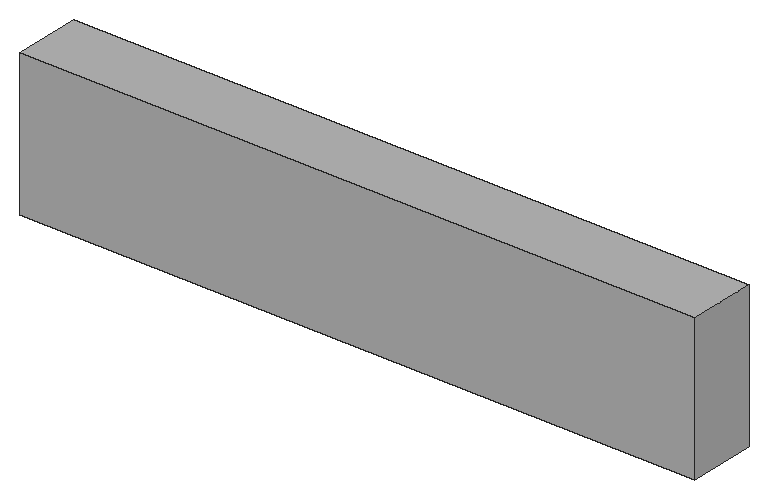
Revit family "100W x 215H R.C. Beam", category Generic Models, Revit 2020
Family settings
  Can host rebar = No
  Round Connector Dimension = Use Diameter
  Part Type = Normal
  Work Plane-Based = No
  Always vertical = Yes
  Cut with Voids When Loaded = No
  Shared = No
  Room Calculation Point = No
Parameters
  Weight = "52Kg/m"
  Warranty Guarantor Parts = "n/a"
  Warranty Guarantor Labour = "n/a"
  Warranty Duration Unit = "n/a"
  Warranty Duration Parts = "n/a"
  Warranty Duration Labour = "n/a"
  Warranty Description = "n/a"
  URL = "www.killeshal.com"
  Types = "Single"
  Type Comments = "Visit our website for a full list of available products."
  Sustainability Performance = "n/a"
  Structural Class = "n/a"
  Span = "Beam Length"
  Slope = "0.00°"
  Size = "100mm x 215mm"
  Shape = "Rectangular"
  Service Life = "0.000000"
  Serial Number = "n/a"
  Resistance to Fire = "Method 3. Design specification."
  Replacement Cost = "n/a"
  Reference = "n/a"
  Notified Body = "National Standards Authority of Ireland (NSAI)."
  Nominal Cover to Main Bar = "40mm"
  Model = "L/287 Concrete Beam"
  Mechanical Resistance = "Method 3. Design specification."
  Manufacturer = "Killeshal Precast Concrete Ltd."
  Load Bearing = yes
  Life Cycle Environmental Load = "n/a"
  Length Options = "Stock sizes 1000mm up to 3500mm. Longer options available on request."
  Keynote = "The information contained is the sole property of KPC Ltd., any reproduction in part or whole without permission of KPC Ltd. is prohibited."
  Environmental Product Declaration = "n/a"
  Environmental Class = "n/a"
  Durability against Corrosion = "Design specification and critical dimensions as per product drawings."
  Dimension Accuracy Class = "I.S. EN 13225:2013"
  Detailing = "As per design specification and product drawings."
  Description = "100W x 215H R.C. Beam"
  Default Elevation = 0 mm
  Dangerous Substances = "No Exposure."
  Contact Tel = "0035357 9353018"
  Contact Email = "sales@killeshal.com"
  Construction Type = "Precast"
  Construction Tolerance Class = "I.S. EN 13225:2013"
  Compressive Strength of Concrete = "40N/mm²"
  Characteristics of Reinforcing Steel = "Ultimate Tensile Strength (UTS) 650Mpa. Tensile Yield Strength: 500Mpa."
  Characteristics Deflection Under Load = "Dependant on Length."
  Beam Width [instance] = 100 mm
  Beam Length [instance] = 1000 mm
  Beam Height [instance] = 215 mm
Reference planes
  plane 1 "Center (Front/Back)": y = 0
  plane 2: z = 0
  plane 3 "Center (Left/Right)": x = 0
  plane 4 "Rear": y = 50
  plane 5 "Front": y = -50
  plane 6 "Top": z = 215
Forms (mm)
  Extrusion 1, solid, material "Precast Concrete (KPC)"
    sketch origin (0, 0, 0) x (0, 1, 0) y (0, 0, 1)
      loop
        line (50, 0) -> (50, 215) -> (-50, 215) -> (-50, 0) -> (50, 0)
    from 0 to 1000
Dimensions and locks
  "Beam Width": Extrusion 1 to Extrusion 1
  "Beam Height": Extrusion 1 to Extrusion 1
  "Beam Length": Extrusion 1 to Extrusion 1
  aligned and locked: level to plane 2
Automatic sketch dimensions
  Extrusion 1 sketch curve to level = 0 mm
  Extrusion 1 sketch curve to plane 5 "Front" = 0 mm
  Extrusion 1 sketch curve to plane 4 "Rear" = 0 mm
  Extrusion 1 sketch curve to plane 6 "Top" = 0 mm
